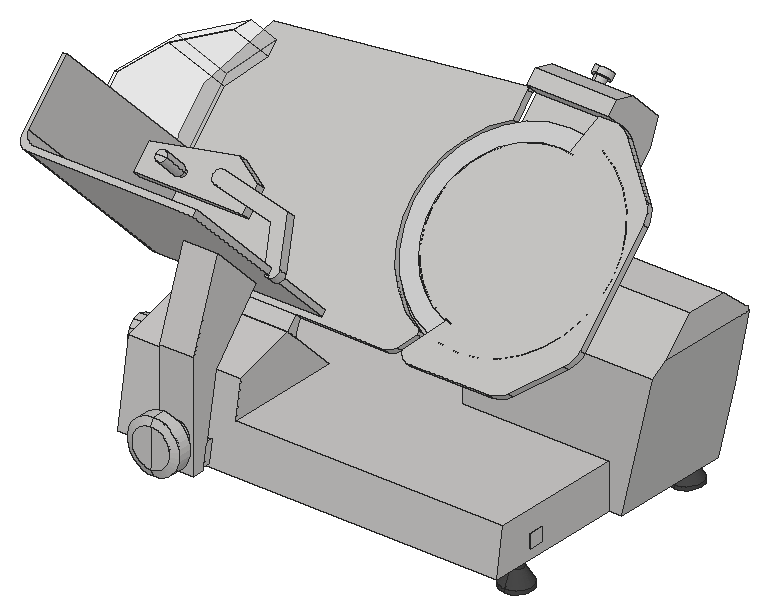
Revit family "QF_ELECTROLUXPROFESSIONAL_601134_MSG30G", category Attrezzature speciali, Revit 2020
Family settings
  Quota connettore circolare = Usa diametro
  Tipo di parte = Normale
  Basato su piano di lavoro = No
  Sempre verticale = Sì
  Taglio con vuoti quando caricato = No
  Condiviso = No
  Punto di calcolo locali = No
Parameters (values of type "Standard")
  Weight = 36.00 kg
  Watts = 500 W
  Volts = 230 V
  URL Manufacturer = "https://www.electroluxprofessional.com/"
  URL = "https://www.electroluxprofessional.com/"
  Steam Supply Size = 0 mm
  Steam Supply Minimum Pressure = 0.0 Pa
  Steam Supply Maximum Pressure = 0.0 Pa
  Steam Consumption per Hour = 0
  Refrigeration Suction Line Size = 0 mm
  Refrigeration Liquid Line Size = 0 mm
  Refrigerant Compressor Remote = yes
  Prospetto di default = 0 mm
  Produttore = "Electrolux Professional"
  Phase = 1
  Modello = "MSG30G"
  Length Actual = 720 mm  # constant formula
  Item Number = "601134"
  Hot Water Size = 0 mm
  Height Actual = 520 mm  # constant formula
  HP = "0.7 HP"
  Gas Size = 0 mm
  Gas KW = 0
  Gas Input Pressure = 0 W
  Direct Waste Size = 0 mm
  Descrizione = "GRAVITY SLICER 300 MM GEAR TRANSMISSION"
  Depth Actual = 520 mm  # constant formula
  Cycle = 50 Hz
  Condensate Return Size = 0 mm
  Compressed Air Volume = 0.0 L/s
  Compressed Air Size = 0 mm
  Compressed Air Pressure = 0.0 Pa
  Cold Water Size = 0 mm
  Accessory = yes
Reference planes
  plane 1 "Back": y = 0
  plane 2: z = 0
  plane 3 "Left": x = 0
Forms (mm)
  Extrusion 1, solid, material "QF_Finishes_Stainless Steel"
    sketch origin (85, -122.055, 30.262) x (0, 1, 0) y (0, 0, 1)
      loop
        line (-333.601, 0.971) -> (-309.749, 123.674) -> (-237.002, 207.361) -> (-305.973, 276.332) -> (-351.34, 158.148) -> (-351.34, 0.971) -> (-333.601, 0.971)
    from 0 to 50
  Extrusion 2, solid, material "QF_Finishes_Stainless Steel"
    sketch origin (2551.751, -61.426, 70.957) x (0, 1, 0) y (0, 0, 1)
      loop
        line (-176.306, 156.519) -> (-176.306, -39.307) -> (5.363, -39.307) -> (-6.046, 178.383)
        arc (-6.046, 178.383) -> (-7.251, 181.385) -> (-10.041, 183.021) r 5
        line (-10.041, 183.021) -> (-84.809, 248.016) -> (-176.306, 156.519)
    from -2207.668 to -1923.001
  Extrusion 3, solid, material "QF_Finishes_Stainless Steel"
    sketch origin (366.066, -66.135, 60.856) x (0, 0.965926, -0.258819) y (0, 0.258819, 0.965926)
      loop
        line (-22.353, 351.363) -> (-78.648, 383.865) -> (-108.648, 383.865) -> (-119.762, 364.616) -> (-97.262, 351.626) -> (-116.148, 318.913) -> (-64.187, 288.913)
        arc (-64.187, 288.913) -> (-52.101, 292.661) -> (-39.728, 290.011) r 25
        line (-39.728, 290.011) -> (-27.228, 311.661) -> (-22.353, 351.363)
    from -47.292 to 72.708
  Extrusion 4, solid, material "QF_Finishes_Stainless Steel"
    sketch origin (-860, -326.589, 211.405) x (1, 0, 0) y (0, 0.707107, 0.707107)
      loop
        line (813.75, -4.419) -> (1060, -4.419) -> (1060, 5) -> (818.75, 5)
        arc (818.75, 5) -> (808.143, 9.393) -> (803.75, 20) r 15
        line (803.75, 20) -> (803.75, 118.624) -> (798.75, 118.624) -> (798.75, 10.581)
        arc (798.75, 10.581) -> (803.143, -0.026) -> (813.75, -4.419) r 15
    from -15.596 to 318.968
  Extrusion 5, solid, material "QF_Finishes_Stainless Steel"
    sketch origin (-855, -277.722, 217.027) x (1, 0, 0) y (0, 0.707107, 0.707107)
      loop
        line (763.318, 161.542) -> (763.318, 94.781) -> (791.428, 17.549) -> (930.335, -50.201) -> (1150.048, -50.201)
        arc (1150.048, -50.201) -> (1158.255, -48.23) -> (1164.673, -42.749) r 18.077
        line (1164.673, -42.749) -> (1180.947, -20.35)
        arc (1180.947, -20.35) -> (1181.513, -17.285) -> (1179.484, -14.918) r 3.615
        arc (1179.484, -14.918) -> (1089.905, 116.11) -> (1167.4, 254.629) r 150.638
        line (1167.4, 254.629) -> (1167.4, 292.861)
        arc (1167.4, 292.861) -> (1166.204, 295.548) -> (1163.407, 296.457) r 3.615
        line (1163.407, 296.457) -> (811.058, 259.423) -> (763.318, 161.542)
      loop
        line (1187.069, -55.599) -> (1304.834, -55.599)
        arc (1304.834, -55.599) -> (1318.669, -52.847) -> (1330.398, -45.01) r 36.153
        line (1330.398, -45.01) -> (1382.226, 6.817)
        arc (1382.226, 6.817) -> (1390.063, 18.546) -> (1392.815, 32.381) r 36.153
        line (1392.815, 32.381) -> (1392.815, 196.031)
        arc (1392.815, 196.031) -> (1390.063, 209.866) -> (1382.226, 221.595) r 36.153
        line (1382.226, 221.595) -> (1319.339, 284.482)
        arc (1319.339, 284.482) -> (1307.61, 292.319) -> (1293.775, 295.071) r 36.153
        line (1293.775, 295.071) -> (1271.742, 295.071) -> (1257.495, 242.147)
        arc (1257.495, 242.147) -> (1122.452, 147.611) -> (1208.089, 6.756) r 120.51
        line (1208.089, 6.756) -> (1172.092, -42.788)
        arc (1172.092, -42.788) -> (1177.215, -51.96) -> (1187.069, -55.599) r 15.16
    from 0 to 10
  Extrusion 6, solid, material "QF_Finishes_Handrails and Railings"
    sketch origin (-857.5, -276.981, 216.287) x (1, 0, 0) y (0, 0.707107, 0.707107)
      loop
        circle (1243.069, 123.499) r 120
      loop
        circle (1243.069, 123.499) r 146.139
    from 8.048 to 10.048
  Extrusion 7, solid, material "QF_Finishes_Stainless Steel"
    sketch origin (562, -232.867, 440.055) x (0, 0, 1) y (0, 1, 0)
      loop
        line (-392.404, -132.714) -> (-392.404, -152.714) -> (-372.404, -152.714) -> (-372.404, -132.714) -> (-392.404, -132.714)
    from 0 to 2
  Revolve 8, solid, material "QF_Finishes_Black"
    sketch origin (10, -2.5, 31.651) x (0, 1, 0) y (0, 0, 1)
      loop
        line (-20, 0) -> (-20, -31.651) -> (2.5, -31.651) -> (2.5, -26.651) -> (-10, -5) -> (-10, 0) -> (-20, 0)
      axis (-20, -31.651) -> (-20, 0)
    angle from 0 to 360
  Extrusion 9, solid, material "QF_Finishes_Stainless Steel"
    sketch origin (0, -185.812, -59.578) x (0, 0.819152, -0.573576) y (0, 0.573576, 0.819152)
      loop
        arc (-236.89, 100.813) -> (-242.412, 111.975) -> (-242.659, 124.426) r 28.564
        line (-242.659, 124.426) -> (-252.507, 126.163) -> (-257.03, 104.365) -> (-236.89, 100.813)
    from 82.054 to 165.038
  Revolve 10, solid, material "QF_Finishes_Handrails and Railings"
    sketch origin (396.25, -98.328, 38.933) x (0, 0.965926, -0.258819) y (0, 0.258819, 0.965926)
      loop
        line (-112.183, 311.259) -> (-156.845, 233.902) -> (-138.755, 223.458) -> (-118.755, 258.099) -> (-112.183, 311.259)
      axis (-138.755, 223.458) -> (-156.845, 233.902)
    angle from 0 to 360
  Revolve 11, solid, material "QF_Finishes_Black"
    sketch origin (550, -62.5, 31.651) x (0, 1, 0) y (0, 0, -1)
      loop
        line (-20, 0) -> (-10, 0) -> (-10, 5) -> (2.5, 26.651) -> (2.5, 31.651) -> (-20, 31.651) -> (-20, 0)
      axis (-20, 31.651) -> (-20, 0)
    angle from 0 to 360
  Revolve 12, solid, material "QF_Finishes_Black"
    sketch origin (10, -416.25, 31.651) x (0, -1, 0) y (0, 0, -1)
      loop
        line (-20, 0) -> (-10, 0) -> (-10, 5) -> (2.5, 26.651) -> (2.5, 31.651) -> (-20, 31.651) -> (-20, 0)
      axis (-20, 31.651) -> (-20, 0)
    angle from 0 to 360
  Revolve 13, solid, material "QF_Finishes_Black"
    sketch origin (550, -416.25, 31.651) x (0, -1, 0) y (0, 0, 1)
      loop
        line (-20, 0) -> (-20, -31.651) -> (2.5, -31.651) -> (2.5, -26.651) -> (-10, -5) -> (-10, 0) -> (-20, 0)
      axis (-20, -31.651) -> (-20, 0)
    angle from 0 to 360
  Extrusion 14, solid, material "QF_Finishes_Stainless Steel"
    sketch origin (-60, -107.734, 25.811) x (0, 1, 0) y (0, 0, 1)
      loop
        line (-346.965, 10.346) -> (-336.471, 10.346) -> (-331.182, 40.346) -> (-341.133, 40.346) -> (-346.965, 10.346)
    from 145 to 195
  Revolve 15, solid, material "QF_Finishes_Stainless Steel"
    sketch origin (-1014.056, -354.997, -19.835) x (1, 0, 0) y (0, 0, 1)
      loop
        line (1014.056, 171) -> (1011.556, 171) -> (1002.782, 157.226) -> (1002.782, 155.22) -> (999.669, 150.775) -> (999.669, 149.212) -> (995.281, 149.212) -> (995.281, 133) -> (1014.056, 133) -> (1014.056, 171)
      axis (995.281, 133) -> (1014.056, 133)
    angle from 0 to 360
  Extrusion 16, solid, material "QF_Finishes_Stainless Steel"
    sketch origin (-1014.056, -77.43, 49.151) x (0, 1, 0) y (0, 0, 1)
      loop
        line (-288.697, 82.907) -> (-296.745, 74.859) -> (-299.691, 63.865) -> (-296.745, 52.871) -> (-288.697, 44.823) -> (-277.704, 41.877) -> (-266.71, 44.823) -> (-258.662, 52.871) -> (-255.716, 63.865) -> (-258.662, 74.859) -> (-266.71, 82.907) -> (-277.704, 85.852) -> (-288.697, 82.907)
    from 975.281 to 995.281
  Revolve 17, solid, material "QF_Finishes_Stainless Steel"
    sketch origin (373.775, -66.135, 60.856) x (0, 0.965926, -0.258819) y (0, 0.258819, 0.965926)
      loop
        line (-60.28, 373.26) -> (-53.482, 369.335) -> (-47.768, 379.231) -> (-43.438, 376.731) -> (-38.886, 384.616) -> (-50.014, 391.041) -> (-60.28, 373.26)
      axis (-60.28, 373.26) -> (-50.014, 391.041)
    angle from 0 to 360
  Extrusion 18, solid, material "Vetro Trasparente"
    sketch origin (-1026.175, -198.326, 142.823) x (1, 0, 0) y (0, 0.707107, 0.707107)
      loop
        line (959.925, 7.799) -> (964.925, 7.799) -> (964.925, 162.745) -> (1000.743, 213.899) -> (1000.743, 235.858) -> (959.925, 177.563) -> (959.925, 7.799)
    from 123.595 to 336.698
  Revolve 19, solid, material "QF_Finishes_Stainless Steel"
    sketch origin (110, -95.805, 19.721) x (0, 1, 0) y (0, 0, 1)
      loop
        line (-377.59, 60.846) -> (-377.59, 78.816) -> (-395.099, 78.816) -> (-400.656, 99.554) -> (-419.582, 99.554) -> (-424.195, 88.687) -> (-424.195, 60.846) -> (-377.59, 60.846)
      axis (-377.59, 60.846) -> (-424.195, 60.846)
    angle from 0 to 360
  Extrusion 20, solid, material "QF_Finishes_Stainless Steel"
    sketch origin (-1195.747, -530.976, 140.435) x (1, 0, 0) y (0, 0.707107, 0.707107)
      loop
        line (1157.755, 287.815) -> (1157.755, 247.815) -> (1317.755, 247.815) -> (1317.755, 287.815) -> (1278.255, 310.62) -> (1157.755, 287.815)
    from 0 to 15
  Extrusion 21, solid, material "QF_Finishes_Stainless Steel"
    sketch origin (-1195.747, -541.583, 151.041) x (1, 0, 0) y (0, 0.707107, 0.707107)
      loop
        arc (1278.158, 286.028) -> (1266.573, 277.917) -> (1274.685, 266.332) r 10
        line (1274.685, 266.332) -> (1366.873, 250.077) -> (1389.061, 193.545)
        arc (1389.061, 193.545) -> (1402.023, 187.89) -> (1407.678, 200.852) r 10
        line (1407.678, 200.852) -> (1381.393, 267.825) -> (1278.158, 286.028)
    from 0 to 15
  Revolve 22, solid, material "QF_Finishes_Stainless Steel"
    sketch origin (-1195.747, -341.603, 329.808) x (1, 0, 0) y (0, 0.707107, -0.707107)
      loop
        line (1217.755, -15) -> (1217.755, -70) -> (1225.755, -70) -> (1225.755, -25) -> (1222.755, -25) -> (1222.755, -15) -> (1217.755, -15)
      axis (1217.755, -15) -> (1217.755, -70)
    angle from 0 to 360
  Extrusion 23, solid, material "QF_Finishes_Stainless Steel"
    sketch origin (0, 725.07, 0) x (0, 1, 0) y (0, 0, 1)
      loop
        line (-725.07, 31.651) -> (-729.717, 98.092) -> (-986.321, 98.092) -> (-1061.568, 173.339) -> (-1149.229, 149.851) -> (-1170.07, 31.651) -> (-725.07, 31.651)
    from 0 to 560
  Extrusion 24, void
    sketch origin (-580, 725.07, 0) x (1, 0, 0) y (0, 0, 1)
      loop
        line (1140, 98.092) -> (1140, 252.585) -> (726.038, 252.585) -> (726.038, 230.71) -> (745.038, 230.71) -> (745.038, 98.092) -> (1140, 98.092)
    from 928.534 to 1215.975
  Extrusion 25, void
    sketch origin (0, 725.07, 0) x (1, 0, 0) y (0, 1, 0)
      loop
        line (749.084, -786.712) -> (749.084, -702.514) -> (256.584, -702.514) -> (256.584, -726.712)
        arc (256.584, -726.712) -> (291.036, -770.272) -> (344.084, -786.712) r 93.802
        line (344.084, -786.712) -> (749.084, -786.712)
    from 0 to 167.979
  Extrusion 26, void
    sketch origin (25, 705.159, -9) x (0, 1, 0) y (0, 0, 1)
      loop
        line (-1092.154, 460.316) -> (-839.353, 451.488) -> (-970.168, 582.303) -> (-1092.154, 460.316)
    from -129.832 to 15
  Extrusion 27, void
    sketch origin (0, 725.07, 0) x (1, 0, 0) y (0, 0, 1)
      loop
        line (460.019, 328.002) -> (460.019, 300)
        arc (460.019, 300) -> (462.948, 292.929) -> (470.019, 290) r 10
        line (470.019, 290) -> (690.019, 290) -> (690.019, 328.002) -> (460.019, 328.002)
    from 804.616 to 940
  Extrusion 28, void
    sketch origin (-39.281, 725.07, 3.055) x (1, 0, 0) y (0, 0, 1)
      loop
        line (617.318, 23.624) -> (683.031, 23.624) -> (683.031, 308.259) -> (617.318, 23.624)
    from 745.119 to 1004.973
Cuts and joins
  joined: Extrusion 5, Extrusion 9
  Extrusion 24, Extrusion 25 cuts Extrusion 23
  Extrusion 26 cuts Extrusion 18
  Extrusion 25, Extrusion 27, Extrusion 28 cuts Extrusion 2
Dimensions and locks
  cut or joined group of Extrusion 23, Extrusion 24, Extrusion 25 to cut or joined group of Extrusion 23, Extrusion 24, Extrusion 25 = 560 mm
  Extrusion 2 to cut or joined group of Extrusion 5, Extrusion 9 = 720.432 mm
  Extrusion 4 to level = 520.829 mm
  plane 1 "Back" to Revolve 19 = 520 mm
  Extrusion 23 sketch curve to Extrusion 23 sketch curve = 445 mm
  Extrusion 5 sketch curve to cut or joined group of Extrusion 2, Extrusion 25, Extrusion 27, Extrusion 28 = 720.432 mm
  aligned and locked: level to plane 2
Nested families
  nested 1: "Bottone" at (0, -36.642, 73.049) x (0, 1, 0) z (-1, 0, 0), type "Bottone"
  nested 2: "Bottone" at (0, -71.613, 73.049) x (0, 1, 0) z (-1, 0, 0), type "Bottone"
  nested 3: "SPIA_GREEN" at (0, -106.353, 72.031) x (0, 1, 0) z (-1, 0, 0), type "SPIA_GREEN"
Connectors
  electrical at (562, -375.58, 57.651)
    settings: on Extrusion 7, index 6, voltage 230 V, apparent load 0 VA, apparent load phase1 0 VA, apparent load phase2 0 VA, apparent load phase3 0 VA, power factor 1, load classification "Altro", number of poles 1, system type 30, power factor state 1, is connector primary yes, connector utility no, sub classification motor no, connector description "EI"
Definition of nested family "Bottone"
  Parameters (values of type "Bottone")
    Default Elevation = 1219.2 mm
  Reference planes
    plane 1 "Centro (Fronte/Retro)": y = 0
    plane 2: z = 0
    plane 3 "Centro (Sinistra/Destra)": x = 0
  Forms (mm)
    Extrusion 1, solid
      sketch origin (0, 0, 0) x (1, 0, 0) y (0, 1, 0)
        loop
          line (-1219.2, 1219.2) -> (-1219.2, -1219.2) -> (1219.2, -1219.2) -> (1219.2, 1219.2) -> (-1219.2, 1219.2)
      from 0 to -304.8
    Extrusion 2, solid
      sketch origin (0, 0, 0) x (1, 0, 0) y (0, 1, 0)
        loop
          circle (0, 0) r 12
        loop
          circle (0, 0) r 10
      from 0 to 2
    Extrusion 3, solid
      sketch origin (0, 0, 0) x (1, 0, 0) y (0, 1, 0)
        loop
          circle (0, 0) r 9.75
      from 0 to 3
  Dimensions and locks
    aligned and locked: plane 2 to Extrusion 1
    aligned and locked: level to Extrusion 1
Definition of nested family "SPIA_GREEN"
  Parameters
    Default Elevation = 1219.2 mm
  Reference planes
    plane 1 "Centro (Fronte/Retro)": y = 0
    plane 2: z = 0
    plane 3 "Centro (Sinistra/Destra)": x = 0
  Forms (mm)
    Extrusion 1, solid
      sketch origin (0, 0, 0) x (1, 0, 0) y (0, 1, 0)
        loop
          line (-1219.2, 1219.2) -> (-1219.2, -1219.2) -> (1219.2, -1219.2) -> (1219.2, 1219.2) -> (-1219.2, 1219.2)
      from 0 to -304.8
    Extrusion 2, solid
      sketch origin (-367.513, 69.533, 3.175) x (-1, 0, 0) y (0, 1, 0)
        loop
          circle (-367.513, -69.533) r 8
      from 0 to 3.175
  Dimensions and locks
    aligned and locked: plane 2 to Extrusion 1
    aligned and locked: level to Extrusion 1
